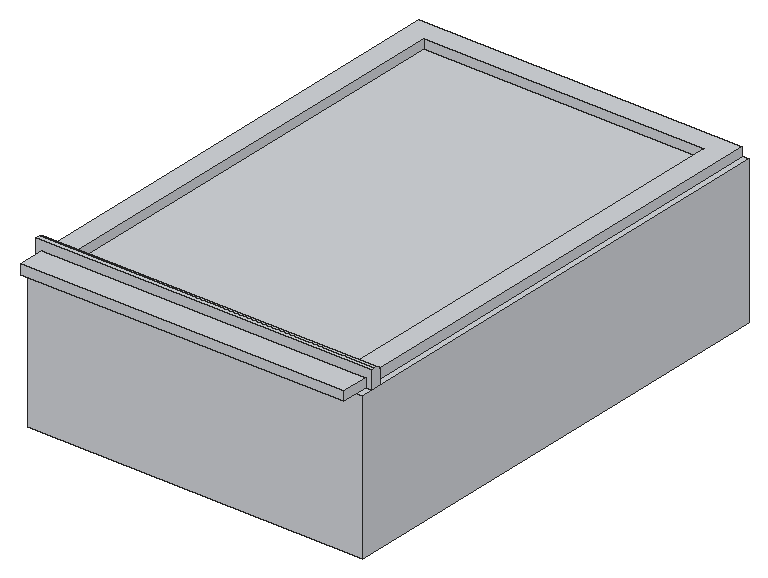
Revit family "6b3e4b10f7d1444fb1f43b8404c15cd1", category Generic Models, host Face, Revit 2021
Family settings
  Host = Face
  Can host rebar = No
  Round Connector Dimension = Use Diameter
  Part Type = Normal
  Cut with Voids When Loaded = No
  Shared = Yes
  Room Calculation Point = No
Parameters (values of type "with Sill")
  Trim Thickness_Picture Frame = 0' - 1 1/4"
  Trim Width = 0' - 2 1/4"
  Trim Thickness_with Sill = 0' - 0 3/4"
  Trim Material [instance] = none
  Sill Thickness = 0' - 1 1/4"
  Sill = yes
  Picture Frame = no
  Opening Width [instance] = 2' - 0"
  Opening Height [instance] = 3' - 0"
  Default Elevation = 4' - 0"
Types (2): name | Sill | Picture Frame
  with Sill | yes | no
  Picture Frame | no | yes
Reference planes (in)
  plane 1 "Center (Front/Back)": y = 0
  plane 2: z = 0
  plane 3 "Center (Left/Right)": x = 0
  plane 4: y = 1.75
  plane 5 "Left": x = -12
  plane 6 "Right": x = 12
  plane 7 "Bottom": y = -36
  plane 8: y = -37.25
  plane 9: y = -39.12332
  plane 10: x = 13.75
  plane 11: x = -13.75
  plane 12: z = 0.75
  plane 13: z = 1.25
  plane 14: x = 14.25
  plane 15: x = -14.25
  plane 16: y = -36.87332
  plane 17: y = -37.75
  plane 18: z = 0.5
  plane 19: x = -11.5
  plane 20: y = -0.5
  plane 21: x = 11.5
  plane 22: y = -35.5
  plane 23: x = -13.25
  plane 24: x = 13.25
  plane 25: y = -18
Forms (in)
  Extrusion 1, solid
    sketch origin (0, 0, 0) x (1, 0, 0) y (0, 1, 0)
      loop
        line (-13.75, 1.75) -> (-13.75, -37.75) -> (13.75, -37.75) -> (13.75, 1.75) -> (-13.75, 1.75)
    from 0 to -12
  Extrusion 2, solid, material <- "Trim Material", visible <- "Sill"
    sketch origin (0, 0, 0) x (1, 0, 0) y (0, 1, 0)
      loop
        line (-13.25, -36) -> (-11.5, -36) -> (-11.5, 0) -> (11.5, 0) -> (11.5, -36) -> (13.25, -36) -> (13.25, 1.75) -> (-13.25, 1.75) -> (-13.25, -36)
    from 0 to 0.75
  Extrusion 3, solid, material <- "Trim Material", visible <- "Sill"
    sketch origin (0, 0, 0) x (0, 1, 0) y (0, 0, 1)
      loop
        line (-36.5, 1.5) -> (-36.87332, 1.5) -> (-36.87332, 0) -> (-36, 0) -> (-36, 1)
        arc (-36, 1) -> (-36.14645, 1.35355) -> (-36.5, 1.5) r 0.5
    from -13.75 to 13.75
  Extrusion 4, solid, material <- "Trim Material", visible <- "Sill"
    sketch origin (0, 0, 0) x (1, 0, 0) y (0, 1, 0)
      loop
        line (-13.25, -36.87332) -> (-13.25, -39.12332) -> (13.25, -39.12332) -> (13.25, -36.87332) -> (-13.25, -36.87332)
    from 0 to 0.75
  Extrusion 5, solid, material <- "Trim Material", visible <- "Picture Frame"
    sketch origin (0, 0, 0) x (1, 0, 0) y (0, 1, 0)
      loop
        line (-11.5, -0.5) -> (-11.5, -35.5) -> (11.5, -35.5) -> (11.5, -0.5) -> (-11.5, -0.5)
      loop
        line (-13.75, 1.75) -> (-13.75, -37.75) -> (13.75, -37.75) -> (13.75, 1.75) -> (-13.75, 1.75)
    from 0 to 1.25
Dimensions and locks (in)
  equal spacing: plane 5 "Left", plane 3 "Center (Left/Right)", plane 6 "Right"
  "Opening Width": plane 5 "Left" to plane 6 "Right"
  "Opening Height": plane 7 "Bottom" to plane 1 "Center (Front/Back)"
  "Sill Thickness": plane 7 "Bottom" to plane 8
  "Trim Width": plane 11 to plane 19
  "Trim Width": plane 21 to plane 10
  "Trim Width": plane 20 to plane 4
  "Trim Thickness_with Sill": plane 12 to plane 2
  locked: plane 15 to plane 11 at 0.5
  locked: plane 10 to plane 14 at 0.5
  locked: plane 16 to plane 8 at 0.37668
  "Trim Width": plane 9 to plane 16
  "Trim Width": plane 17 to plane 22
  plane 20 to plane 1 "Center (Front/Back)" = 0' - 0 1/2"
  plane 5 "Left" to plane 19 = 0' - 0 1/2"
  plane 21 to plane 6 "Right" = 0' - 0 1/2"
  plane 22 to plane 7 "Bottom" = 0' - 0 1/2"
  locked: plane 11 to plane 23 at 0.5
  locked: plane 24 to plane 10 at 0.5
  equal spacing: plane 7 "Bottom", plane 25, plane 1 "Center (Front/Back)"
  "Trim Thickness_Picture Frame": plane 13 to plane 2
  locked: Extrusion 3 to plane 12 at 0.75
  locked: plane 12 to Extrusion 3 sketch curve at 0.75
  radius of Extrusion 3 sketch curve = 0' - 0 1/2"
  aligned and locked: plane 2 to Extrusion 1
  aligned and locked: level to Extrusion 1
  aligned and locked: plane 7 "Bottom" to Extrusion 2 sketch curve  (x2)
  aligned and locked: plane 1 "Center (Front/Back)" to Extrusion 2 sketch curve
  aligned and locked: plane 12 to Extrusion 2
  aligned and locked: Extrusion 3 sketch curve to level
  aligned and locked: plane 7 "Bottom" to Extrusion 3 sketch curve
  aligned and locked: plane 16 to Extrusion 4 sketch curve
  aligned and locked: plane 9 to Extrusion 4 sketch curve
  aligned and locked: Extrusion 2 sketch curve to plane 4
  aligned and locked: Extrusion 5 sketch curve to plane 4
  aligned and locked: Extrusion 5 sketch curve to plane 17
  aligned and locked: plane 10 to Extrusion 5 sketch curve
  aligned and locked: Extrusion 5 sketch curve to plane 11
  aligned and locked: plane 13 to Extrusion 5
  aligned and locked: Extrusion 5 sketch curve to plane 20
  aligned and locked: Extrusion 5 sketch curve to plane 19
  aligned and locked: Extrusion 5 sketch curve to plane 21
  aligned and locked: plane 22 to Extrusion 5 sketch curve
  aligned and locked: Extrusion 4 to plane 24
  aligned and locked: plane 11 to Extrusion 3
  aligned and locked: Extrusion 3 to plane 10
  aligned and locked: Extrusion 2 sketch curve to plane 21
  aligned and locked: Extrusion 2 sketch curve to plane 24
  aligned and locked: Extrusion 2 sketch curve to plane 19
  aligned and locked: Extrusion 2 sketch curve to plane 23
  aligned and locked: plane 12 to Extrusion 4
Automatic sketch dimensions
  Extrusion 1 sketch curve to Extrusion 1 sketch curve = 2' - 3 1/2"
  Extrusion 1 sketch curve to Extrusion 1 sketch curve = 3' - 3 1/2"
  Extrusion 3 sketch curve to plane 16 = 0' - 0"
  Extrusion 4 sketch curve to plane 11 = 0' - 0 1/2"
  Extrusion 4 sketch curve to plane 24 = 0' - 0"
